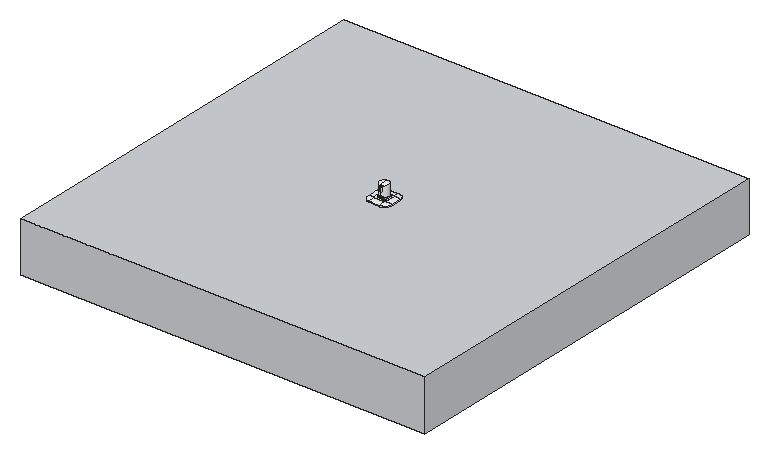
Revit family
Parameters (values of type "TS416T")
  ecoScorecard_data = "http://products.ecoscorecard.com/toto/TS416T"
  ecoScorecard Product Page = "http://products.ecoscorecard.com/toto/TS416T?action=html"
  Width = 5 1/2"  # constant formula
  Warranty URL = "http://www.totousa.com/Support/WarrantyInformation.aspx"
  Warranty = "Lifetime Limited Warranty (Residential Use); One Year Limited (Commercial Use)"  # constant formula
  URL = "http://www.totousa.com"
  Toto BIM Number = "BM-0312"  # constant formula
  Tempered Water Connection NPT Radius = 1/4"
  Subcategory = "Showers"  # constant formula
  Style = "Contemporary"  # constant formula
  Spec Sheet URL = "http://www.totousa.com/Portals/0/ProductDownloads/SS-00599_TS416T.pdf"
  Shipping Weight = 3.20 lbf  # constant formula
  Series = "Aquia"  # constant formula
  Product Page URL = "http://www.totousa.com/ProductDetail.aspx?productid=701"
  Parts Manual URL = "http://www.totousa.com/Portals/0/ProductDownloads/PD-00641_TS416T.pdf"
  Owners Manual URL = "http://www.totousa.com/Portals/0/ProductDownloads/0GU4124_TS416T_TS630T_IM_OM.pdf"
  Model = "TS416T"  # constant formula
  Manufacturer Toll Free Phone = "1-888-295-8134"  # constant formula
  Manufacturer Phone = "(770) 282-8686"  # constant formula
  Manufacturer Fax = "(770) 282-0002"  # constant formula
  Manufacturer Email = "mailto:custservice@totousa.com "
  Manufacturer Address = "1155 Southern Road, Morrow, Georgia 30260"  # constant formula
  Manufacturer = "TOTO USA, Inc."  # constant formula
  Installation Note = "Valve Required: 1/2\" Thermostatic mixing valve, model TSST sold separately."
  Height = 5 1/2"  # constant formula
  Finish = Metal - TOTO - Chrome - Polished
  Description = "Aquia® Thermostatic Mixing Valve Trim"  # constant formula
  Depth = 3 1/2"  # constant formula
  Default Elevation = 48"
  Cost Info = "mailto:custservice@totousa.com "
  Color Availability = "#CP Polished Chrome, #BN Brushed Nickel, #PN Polished Nickel"
  CAD Drawing URL = "http://www.totousa.com/Portals/0/ProductDownloads/AD-00433_TS416T.dxf"
  Assembly Code = "D2010710"
  95 CSI = "15416"  # constant formula
  04 CSI = "22 41 39"  # constant formula
Reference planes (in)
  plane 1 "Center (Front/Back)": y = 0
  plane 2: z = 0
  plane 3 "Center (Left/Right)": x = 0
  plane 4: x = -2.75
  plane 5: x = 2.75
  plane 6: y = 2.75
  plane 7: y = -2.75
  plane 8: z = 3.5
Forms (in)
  Extrusion 1, solid
    sketch origin (0, 0, 0) x (1, 0, 0) y (0, 1, 0)
      loop
        line (-48, 48) -> (-48, -48) -> (48, -48) -> (48, 48) -> (-48, 48)
    from 0 to -12
Dimensions and locks (in)
  equal spacing: plane 4, plane 3 "Center (Left/Right)", plane 5
  "Height": plane 4 to plane 5
  equal spacing: plane 7, plane 1 "Center (Front/Back)", plane 6
  "Width": plane 6 to plane 7
  "Depth": plane 8 to Extrusion 1
  aligned and locked: plane 2 to Extrusion 1
  aligned and locked: level to Extrusion 1
  aligned and locked: plane 3 "Center (Left/Right)" to nested 1
  aligned and locked: plane 1 "Center (Front/Back)" to nested 1
Automatic sketch dimensions
  Extrusion 1 sketch curve to Extrusion 1 sketch curve = 96"  (x2)
Nested families (in)
  nested 1: "TS416T" at (0, 0, 0), type "TS416T"
    with Width 5 1/2", Height 5 1/2", Depth 3 1/2"
Definition of nested family "TS416T"
  Parameters (values of type "TS416T")
    Width = 5 63/128"
    URL = ""
    Model = ""
    Manufacturer = ""
    Height = 5 137/256"
    Finish = Metal - TOTO - Chrome - Polished
    Depth = 3 17/32"
    Default Elevation = 48"
    Assembly Code = ""
  Reference planes (in)
    plane 1 "Center (Front/Back)": y = 0
    plane 2: z = 0
    plane 3 "Center (Left/Right)": x = 0
    plane 4: x = -2.76758
    plane 5: x = 2.76758
    plane 6: y = 2.74609
    plane 7: y = -2.74609
    plane 8: z = 3.53125
  Forms (in)
    Extrusion 1, solid
      sketch origin (0, 0, 0) x (1, 0, 0) y (0, 1, 0)
        loop
          line (-48, 48) -> (-48, -48) -> (48, -48) -> (48, 48) -> (-48, 48)
      from 0 to -12
    Revolve 2, solid, material "Metal - TOTO - Chrome - Polished" <- "Finish"
      sketch origin (0, 0, 0) x (0, 1, 0) y (0, 0, 1)
        loop
          line (1.05929, 0.96119) -> (1.05929, 3.29556)
          spline (1.05929, 3.29556) -> (1.05023, 3.32629) -> (1.02319, 3.35649) -> (0.97865, 3.38565) -> (0.91737, 3.41326) -> (0.84039, 3.43887) -> (0.74903, 3.46202) -> (0.64485, 3.48232) -> (0.52964, 3.49942) -> (0.40537, 3.51304) -> (0.27416, 3.52294) -> (0.13826, 3.52895) -> (0, 3.53096)
          line (0, 3.53096) -> (0, 0.3531) -> (1.25545, 0.3531)
          arc (1.25545, 0.3531) -> (1.11671, 0.41059) -> (1.05929, 0.54936) r 0.19616
          line (1.05929, 0.54936) -> (1.05929, 0.82358)
          arc (1.05929, 0.82358) -> (1.05345, 0.83767) -> (1.03936, 0.84351) r 0.01992
          line (1.03936, 0.84351) -> (0.94159, 0.84351)
          arc (0.94159, 0.84351) -> (0.92772, 0.84925) -> (0.92197, 0.86312) r 0.01962
          line (0.92197, 0.86312) -> (0.92197, 0.94159) -> (1.03969, 0.94159)
          arc (1.03969, 0.94159) -> (1.05355, 0.94733) -> (1.05929, 0.96119) r 0.0196
        axis (0, 3.53096) -> (0, 0.3531)
      angle from 0 to 360
    Sweep 3, solid, material "Metal - TOTO - Chrome - Polished" <- "Finish"
      path origin (0, 0, 0) x (1, 0, 0) y (0, 1, 0)
        loop
          line (1.22374, 2.72554) -> (-1.22287, 2.72554)
          arc (-1.22287, 2.72554) -> (-2.30028, 2.27926) -> (-2.74656, 1.20185) r 1.52369
          line (-2.74656, 1.20185) -> (-2.74656, -1.22261)
          arc (-2.74656, -1.22261) -> (-2.30028, -2.30002) -> (-1.22287, -2.7463) r 1.52369
          line (-1.22287, -2.7463) -> (1.22287, -2.7463)
          arc (1.22287, -2.7463) -> (2.30028, -2.30002) -> (2.74656, -1.22261) r 1.52369
          line (2.74656, -1.22261) -> (2.74656, 1.20272)
          arc (2.74656, 1.20272) -> (2.30054, 2.27952) -> (1.22374, 2.72554) r 1.52282
      profile origin (0.00044, 2.72554, 0) x (0, -1, 0) y (0, 0, 1)
        loop
          line (-0.02102, 0) -> (1.26582, 0) -> (1.26582, 0.3531)
          spline (1.26582, 0.3531) -> (1.09786, 0.35125) -> (0.93276, 0.34574) -> (0.77337, 0.33667) -> (0.6224, 0.32419) -> (0.48244, 0.30851) -> (0.35589, 0.2899) -> (0.2449, 0.26867) -> (0.15139, 0.24521) -> (0.07694, 0.21989) -> (0.02283, 0.19316) -> (-0.01001, 0.16548) -> (-0.02102, 0.13732)
          line (-0.02102, 0.13732) -> (-0.02102, 0)
    Extrusion 4, solid, material "Metal - TOTO - Chrome - Polished" <- "Finish"
      sketch origin (0, 0, 0) x (1, 0, 0) y (0, 1, 0)
        loop
          arc (-1.22287, 1.45972) -> (-1.40521, 1.38419) -> (-1.48074, 1.20185) r 0.25787
          line (-1.48074, 1.20185) -> (-1.48074, -1.22261)
          arc (-1.48074, -1.22261) -> (-1.40521, -1.40495) -> (-1.22287, -1.48048) r 0.25787
          line (-1.22287, -1.48048) -> (1.22287, -1.48048)
          arc (1.22287, -1.48048) -> (1.40521, -1.40495) -> (1.48074, -1.22261) r 0.25787
          line (1.48074, -1.22261) -> (1.48074, 1.20272)
          arc (1.48074, 1.20272) -> (1.40546, 1.38445) -> (1.22374, 1.45972) r 0.257
          line (1.22374, 1.45972) -> (-1.22287, 1.45972)
      from 0 to 0.3531
    Revolve 5, solid, material "Metal - TOTO - Chrome - Polished" <- "Finish"
      sketch origin (0, 0, 0) x (0, 1, 0) y (0, 0, 1)
        loop
          line (1.29469, 2.7463) -> (1.04763, 2.7463)
          arc (1.04763, 2.7463) -> (1.03403, 2.64864) -> (1.02949, 2.55014) r 1.06953
          line (1.02949, 2.55014) -> (1.33392, 2.55014)
          spline (1.33392, 2.55014) -> (1.33358, 2.57574) -> (1.33258, 2.60091) -> (1.33093, 2.62521) -> (1.32866, 2.64822) -> (1.32581, 2.66956) -> (1.32243, 2.68885) -> (1.31857, 2.70577) -> (1.3143, 2.72002) -> (1.3097, 2.73137) -> (1.30484, 2.73962) -> (1.29981, 2.74463) -> (1.29469, 2.7463)
        axis (1.33392, 2.55014) -> (1.02949, 2.55014)
      angle from 0 to 360
    Extrusion 6, solid, material "Metal - TOTO - Chrome - Polished" <- "Finish"
      sketch origin (0, 0, 0) x (0, 1, 0) y (0, 0, 1)
        loop
          arc (-1.17095, 3.05981) -> (-1.35551, 2.97519) -> (-1.4315, 2.78692) r 0.27463
          line (-1.4315, 2.78692) -> (-1.4315, 2.37934)
          arc (-1.4315, 2.37934) -> (-1.35523, 2.19521) -> (-1.1711, 2.11894) r 0.2604
          arc (-1.1711, 2.11894) -> (-1.09171, 2.08251) -> (-1.05929, 2.00139) r 0.1177
          line (-1.05929, 2.00139) -> (-1.05929, 3.17735)
          arc (-1.05929, 3.17735) -> (-1.09166, 3.09629) -> (-1.17095, 3.05981) r 0.1177
      from -0.44802 to 0.49877
    Extrusion 7, void
      sketch origin (0, 0, 0) x (1, 0, 0) y (0, 1, 0)
        loop
          arc (-0.18465, -1.12039) -> (-0.16231, -1.22319) -> (-0.12678, -1.32221) r 0.80678
          arc (-0.12678, -1.32221) -> (-0.08564, -1.38406) -> (-0.02559, -1.42778) r 0.21064
          arc (-0.02559, -1.42778) -> (-0.00149, -1.43215) -> (0.02281, -1.4291) r 0.08091
          arc (0.02281, -1.4291) -> (0.08457, -1.38516) -> (0.12678, -1.32221) r 0.21064
          arc (0.12678, -1.32221) -> (0.16231, -1.22319) -> (0.18465, -1.12039) r 0.80678
          arc (0.18465, -1.12039) -> (0.21338, -1.05931) -> (0.27094, -1.02405) r 0.1177
          arc (0.27094, -1.02405) -> (0, -1.05929) -> (-0.27094, -1.02405) r 1.05929
          arc (-0.27094, -1.02405) -> (-0.21338, -1.05931) -> (-0.18465, -1.12039) r 0.1177
        loop
          line (-0.46242, -1.00441) -> (-0.46242, -1.52016) -> (0.51085, -1.52016) -> (0.51085, -1.00441) -> (-0.46242, -1.00441)
      from 1.84227 to 3.33493
  Cuts and joins
    Extrusion 7 cuts Sweep 3
    Extrusion 7 cuts Extrusion 4
    joined: Sweep 3, Extrusion 4
    Extrusion 7 cuts Extrusion 6
  Dimensions and locks (in)
    equal spacing: plane 4, plane 3 "Center (Left/Right)", plane 5
    "Height": plane 4 to plane 5
    equal spacing: plane 7, plane 1 "Center (Front/Back)", plane 6
    "Width": plane 6 to plane 7
    "Depth": plane 8 to Extrusion 1
    aligned and locked: plane 2 to Extrusion 1
    aligned and locked: level to Extrusion 1
    aligned and locked: Extrusion 4 sketch curve to Sweep 3  (x4)
    aligned and locked: Revolve 5 sketch curve to Revolve 5 sketch curve
  Automatic sketch dimensions
    Extrusion 1 sketch curve to Extrusion 1 sketch curve = 96"  (x2)
    Revolve 2 sketch curve to plane 1 "Center (Front/Back)" = 0"  (x2)
    plane 1 "Center (Front/Back)" to Revolve 2 sketch curve = 1.05929"
    Revolve 2 sketch curve to Revolve 2 sketch curve = 0.13732"
    Revolve 2 sketch curve to Revolve 2 sketch curve = 0"  (x5)
    Revolve 2 sketch curve to Revolve 2 sketch curve = 0.01962"
    Revolve 2 sketch curve to Revolve 2 sketch curve = 0.09778"
    Revolve 2 sketch curve to Revolve 2 sketch curve = 0.0196"
    Revolve 2 sketch curve to Revolve 2 sketch curve = 0.01992"
    Revolve 2 sketch curve to Revolve 2 sketch curve = 0.19616"  (x2)
    level to Revolve 2 sketch curve = 0.3531"
    Revolve 2 sketch curve to Revolve 2 sketch curve = 0.27422"
    Revolve 2 sketch curve to Revolve 2 sketch curve = 0.07847"
    Revolve 2 sketch curve to Revolve 2 sketch curve = 0.92787"
    Revolve 2 sketch curve to Revolve 2 sketch curve = 2.0146"
    Revolve 2 sketch curve to Revolve 2 sketch curve = 0.2354"
    Sweep 3 sketch curve to plane 4 = 0.02102"
    Sweep 3 sketch curve to plane 3 "Center (Left/Right)" = 1.22287"  (x2)
    plane 3 "Center (Left/Right)" to Sweep 3 sketch curve = 1.22287"
    plane 3 "Center (Left/Right)" to Sweep 3 sketch curve = 1.22374"
    Sweep 3 sketch curve to plane 5 = 0.02102"
    plane 1 "Center (Front/Back)" to Sweep 3 sketch curve = 2.7463"
    Sweep 3 sketch curve to plane 1 "Center (Front/Back)" = 1.20185"
    Sweep 3 sketch curve to level = 0"
    profile plane to Sweep 3 sketch curve = 0.02102"
    Sweep 3 sketch curve to Sweep 3 sketch curve = 0"
    Sweep 3 sketch curve to profile plane = 1.26582"
    level to Sweep 3 sketch curve = 0.13732"  (x2)
    Sweep 3 sketch curve to Sweep 3 sketch curve = 0.21578"
    Revolve 5 sketch curve to plane 1 "Center (Front/Back)" = 1.02949"
    Revolve 5 sketch curve to Revolve 5 sketch curve = 0.01815"
    Revolve 5 sketch curve to Revolve 5 sketch curve = 0.19846"
    Revolve 5 sketch curve to Revolve 5 sketch curve = 0.06674"
    Revolve 5 sketch curve to Revolve 5 sketch curve = 0"  (x4)
    Revolve 5 sketch curve to Revolve 5 sketch curve = 0.03923"
    Revolve 5 sketch curve to Revolve 5 sketch curve = 0.7651"
    level to Revolve 5 sketch curve = 2.55012"
    plane 1 "Center (Front/Back)" to Extrusion 6 sketch curve = 1.4315"
    Extrusion 6 sketch curve to Extrusion 6 sketch curve = 0.25452"  (x2)
    Extrusion 6 sketch curve to Extrusion 6 sketch curve = 0.00588"
    Extrusion 6 sketch curve to Extrusion 6 sketch curve = 0.00603"
    Extrusion 6 sketch curve to Extrusion 6 sketch curve = 0"  (x2)
    Extrusion 6 sketch curve to Extrusion 6 sketch curve = 0.01408"
    Extrusion 6 sketch curve to Extrusion 6 sketch curve = 0.1177"
    level to Extrusion 6 sketch curve = 2.00139"
    Extrusion 6 sketch curve to Extrusion 6 sketch curve = 0.4062"
    Extrusion 6 sketch curve to Extrusion 6 sketch curve = 0.00138"
    plane 1 "Center (Front/Back)" to Extrusion 7 sketch curve = 0"
    Extrusion 7 sketch curve to plane 3 "Center (Left/Right)" = 0"
    Extrusion 7 sketch curve to plane 3 "Center (Left/Right)" = 0.02559"
    Extrusion 7 sketch curve to plane 3 "Center (Left/Right)" = 0.06643"
    Extrusion 7 sketch curve to Extrusion 7 sketch curve = 0.06035"  (x2)
    Extrusion 7 sketch curve to Extrusion 7 sketch curve = 0"  (x7)
    Extrusion 7 sketch curve to Extrusion 7 sketch curve = 0.11822"  (x2)
    Extrusion 7 sketch curve to Extrusion 7 sketch curve = 0.08629"  (x2)
    Extrusion 7 sketch curve to Extrusion 7 sketch curve = 0.1164"  (x2)
    Extrusion 7 sketch curve to Extrusion 7 sketch curve = 0.19147"
    Extrusion 7 sketch curve to Extrusion 7 sketch curve = 0.1508"
    plane 3 "Center (Left/Right)" to Extrusion 7 sketch curve = 0.00072"
    plane 3 "Center (Left/Right)" to Extrusion 7 sketch curve = 0.02281"
    plane 3 "Center (Left/Right)" to Extrusion 7 sketch curve = 0.06643"
    Extrusion 7 sketch curve to Extrusion 7 sketch curve = 0.38407"
    Extrusion 7 sketch curve to Extrusion 7 sketch curve = 0.10237"
    plane 1 "Center (Front/Back)" to Extrusion 7 sketch curve = 1.00081"  (x2)
    Extrusion 7 sketch curve to Extrusion 7 sketch curve = 0.0036"
    Extrusion 7 sketch curve to Extrusion 7 sketch curve = 0.01964"
    Extrusion 7 sketch curve to Extrusion 7 sketch curve = 0.19795"
